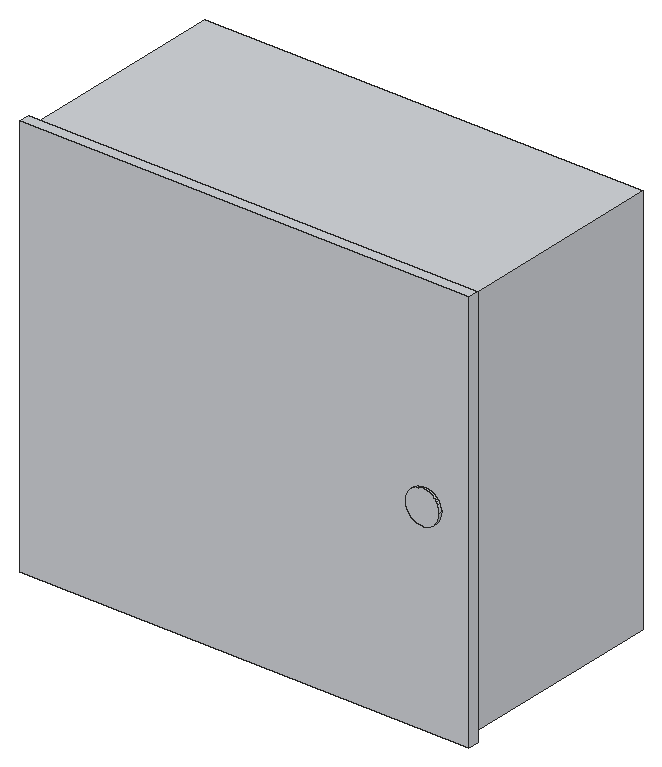
Revit family "Elevator_Accessories_Garaventa_ControlUnit", category Generic Models, Revit 2026
Family settings
  Can host rebar = No
  Round Connector Dimension = Use Diameter
  Part Type = Normal
  Classification Number = 23.50.05.11.24.14
  Work Plane-Based = Yes
  Always vertical = No
  Cut with Voids When Loaded = No
  Maintain Annotation Orientation = No
  Shared = No
  Room Calculation Point = No
Parameters (values of type "InLine Cabinet")
  Warranty Duration (Years) = 0
  Unit Width = 1' - 8"
  Unit Height = 1' - 6"
  Unit Depth = 0' - 10"
  URL = "http://www.garaventalift.com/en.html"
  Specification = "http://www.arcat.com/sdspecs/htm04/14_20_10gar.htm"
  SpecWizard = "http://www.arcat.com/specwizard/14205gar/index04.htm"
  Send Message = ""
  Sales Information = "http://www.garaventalift.com/en/contact-us.html"
  Revision = "R1_2017-06"
  Product Properties = ""
  Product Data = "http://www.arcat.com/arcatcos/cos32/arc32685.html"
  Number of Poles [instance] = 1
  Mounting Height [instance] = 2' - 7"
  Model = "InLine"
  Manufacturer Website = "http://www.garaventalift.com/en.html"
  Manufacturer Phone - Toll Free = "800-663-6556"
  Manufacturer Phone = "604-594-0422"
  Manufacturer Fax = "604-594-9915"
  Manufacturer Address = "P. O. Box 1769  Blaine, WA  98231-1769"
  Manufacturer = "Garaventa Lift"
  Maintenance Schedule (Months) = 0
  Keynote = "14 20 00"
  Installation-Fabrication = ""
  Installation Phase = ""
  Inline Cabinet = yes
  Hydraulic Cabinet = no
  Green Building-LEED = "http://www.arcat.com/green/clients/leed_data_32685.html"
  Expected Lifespan (Years) = 0
  Electrical_Voltage [instance] = 0 V
  Electrical_VA [instance] = Electrical_Voltage * Electrical_Amperage  # 0 VA
  Electrical_Phase [instance] = 1
  Electrical_Frequency [instance] = 0 Hz
  Electrical_Amperage [instance] = 0 A
  Drawn By = "Sumex Design, Inc. / Robert S. Weygant, CSI, CDT, SCIP"
  Description = "Garaventa Lift InLine Electric Elevator Control Cabinet"
  Default Elevation = 0' - 0"
  Copyright = "©Arcat Inc."
  Construction Details = "http://www.arcat.com/details/garavent/garavent.html?coid=32685"
  Assembly Code = "D1010"
Types (2): name | Unit Width | Unit Height | Unit Depth | Model | Inline Cabinet | Hydraulic Cabinet | Description
  InLine Cabinet | 1' - 8" | 1' - 6" | 0' - 10" | "InLine" | yes | no | "Garaventa Lift InLine Electric Elevator Control Cabinet"
  Hydraulic Cabinet | 1' - 11" | 2' - 6" | 0' - 6" | "Hydraulic" | no | yes | "Garaventa Lift Hydraulic Elevator Control Cabinet"
Reference planes (in)
  plane 1 "Center (Front/Back)": y = 0
  plane 2 "Bottom": z = 0
  plane 3 "Center (Left/Right)": x = 0
  plane 4: z = 31
Forms (in)
  Extrusion 1, solid, visible <- "Hydraulic Cabinet"
    sketch origin (0, 0, 0) x (1, 0, 0) y (0, 0, 1)
      loop
        line (-11.625, 60.75) -> (-11.625, 31.25) -> (11.625, 31.25) -> (11.625, 60.75) -> (-11.625, 60.75)
    from 0 to 5.5
  Extrusion 2, solid, visible <- "Hydraulic Cabinet"
    sketch origin (0, -5.5, 0) x (1, 0, 0) y (0, 0, 1)
      loop
        line (11.875, 31) -> (11.875, 61) -> (-11.875, 61) -> (-11.875, 31) -> (11.875, 31)
    from 0 to 0.5
  Extrusion 3, solid, visible <- "Hydraulic Cabinet"
    sketch origin (0, -6, 0) x (1, 0, 0) y (0, 0, 1)
      loop
        circle (9.85017, 45.04712) r 0.75
    from 0 to 0.125
  Extrusion 4, solid, visible <- "Inline Cabinet"
    sketch origin (0, 0, 0) x (1, 0, 0) y (0, 0, 1)
      loop
        line (-9.75, 48.75) -> (-9.75, 31.25) -> (9.75, 31.25) -> (9.75, 48.75) -> (-9.75, 48.75)
    from 0 to 9.5
  Extrusion 5, solid, visible <- "Inline Cabinet"
    sketch origin (0, -9.5, 0) x (1, 0, 0) y (0, 0, 1)
      loop
        line (10, 31) -> (10, 49) -> (-10, 49) -> (-10, 31) -> (10, 31)
    from 0 to 0.5
  Extrusion 6, solid, visible <- "Inline Cabinet"
    sketch origin (0.06255, -10, -5.06649) x (1, 0, 0) y (0, 0, 1)
      loop
        circle (7.97517, 45.04712) r 0.75
    from 0 to 0.125
Lines and regions (in)
  model lines, style "GenericModelHiddenLines", visible <- "Hydraulic Cabinet"
    curve 1: line (11.875, -6, 31) -> (-11.74934, -6, 46.16931)
    curve 2: line (-11.74934, -6, 46.16931) -> (11.875, -6, 61)
  model lines, style "GenericModelHiddenLines", visible <- "Inline Cabinet"
    curve 3: line (10, -10, 31) -> (-10, -10, 40)
    curve 4: line (-10, -10, 40) -> (10, -10, 49)
Dimensions and locks (in)
  "Mounting Height": plane 4 to level
  locked: Extrusion 2 sketch curve to plane 4 at 30
Automatic sketch dimensions
  plane 4 to Extrusion 1 sketch curve = 0' - 0 1/4"
  Extrusion 1 sketch curve to plane 3 "Center (Left/Right)" = 0' - 11 5/8"
  plane 3 "Center (Left/Right)" to Extrusion 1 sketch curve = 0' - 11 5/8"
  Extrusion 1 sketch curve to Extrusion 1 sketch curve = 2' - 5 1/2"
  Extrusion 1 to Extrusion 2 sketch curve = 0' - 0 1/4"  (x3)
  Extrusion 3 sketch curve to Extrusion 2 = 0' - 2.02483"
  Extrusion 3 sketch curve to Extrusion 2 = 1' - 2.04712"
  curve 2 to Extrusion 2 = 0' - 0"  (x2)
  curve 1 to Extrusion 2 = 0' - 0"  (x2)
  curve 2 to Extrusion 2 = 0' - 0.12566"
  curve 2 to Extrusion 2 = 1' - 2.83069"
  Extrusion 4 to Extrusion 5 sketch curve = 0' - 0 1/4"  (x4)
  Extrusion 6 sketch curve to Extrusion 5 = 0' - 1.96228"
  Extrusion 6 sketch curve to Extrusion 5 = 0' - 8.98063"
  plane 4 to Extrusion 4 sketch curve = 0' - 0 1/4"
  Extrusion 4 sketch curve to plane 3 "Center (Left/Right)" = 0' - 9 3/4"
  plane 3 "Center (Left/Right)" to Extrusion 4 sketch curve = 0' - 9 3/4"
  Extrusion 4 sketch curve to Extrusion 4 sketch curve = 1' - 5 1/2"
  Extrusion 5 to curve 4 = 0' - 0"
  curve 4 to Extrusion 5 = 0' - 0"  (x2)
  curve 3 to Extrusion 5 = 0' - 0"  (x2)
  curve 4 to Extrusion 5 = 0' - 9"
  radius of Extrusion 3 sketch curve = 0' - 0 3/4"
  radius of Extrusion 6 sketch curve = 0' - 0 3/4"
Connectors (in)
  electrical at (0, 0, 46)
    settings: on Extrusion 1, index 1, voltage 0 V, apparent load 0 VA, apparent load phase1 0 VA, apparent load phase2 0 VA, apparent load phase3 0 VA, power factor 1, load classification "Other", number of poles 1, system type 13, power factor state 1, is connector primary no, connector utility no, sub classification motor no, connector description ""
  electrical at (0, -6, 46), driven by "Number of Poles", driven by "Electrical_Voltage", driven by "Electrical_VA"
    settings: on Extrusion 2, index 2, voltage 0 V, apparent load 0 VA, apparent load phase1 0 VA, apparent load phase2 0 VA, apparent load phase3 0 VA, power factor 1, load classification "Power", number of poles 1, system type 31, power factor state 1, is connector primary yes, connector utility no, sub classification motor no, connector description ""
